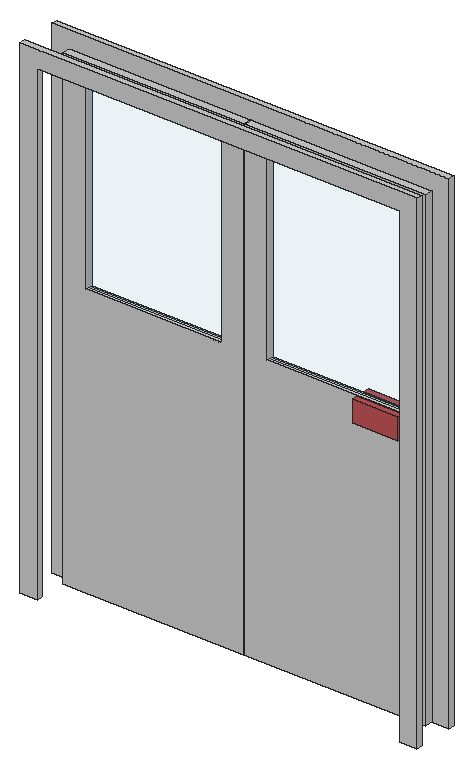
Revit family "Porta_Dupla_Visor", category Doors, host Wall, Revit 2025
Family settings
  Host = Wall
  OmniClass Number = 23.30.10.00
  OmniClass Title = Doors
  Always vertical = Yes
  Cut with Voids When Loaded = No
  Shared = No
  Room Calculation Point = Yes
Parameters (values of type "Porta_80-80_Visor")
  Width = 1600.00 mm
  Thickness = 35.00 mm
  Porta_Visor = CT_Vidros
  Material_Controle [instance] = CT_Controle_Acesso
  Function = Interior
  Door Material = CT_Portas
  Frame Material = CT_Aduelas
  Height = 2100.00 mm
  Trim Projection Ext = 25.00 mm
  Trim Projection Int = 25.00 mm
  Trim Width = 76.00 mm
  Wall Closure = By host
  Width_Large = 800.00 mm
  Width_Small = Width - Width_Large  # 800.00 mm
  Define Thermal Properties by = Schematic Type
  ComControledeAcesso [instance] = yes
  Analytic Construction = "<None>"
Reference planes
  plane 1: y = 0
  plane 2: z = 0
  plane 3 "Center": x = -698
  plane 4 "Left": x = -1498
  plane 5 "Right": x = 102
  plane 6 "Top": z = 2100
  plane 7: y = 58.7
Forms (mm)
  Extrusion 1, solid, material "CT_Aduelas" <- "Frame Material"
    sketch origin (-2286, 76.2, 0) x (-1, 0, 0) y (0, 0, 1)
      loop
        line (-2388, 2100) -> (-788, 2100) -> (-788, 0) -> (-712, 0) -> (-712, 2176) -> (-2464, 2176) -> (-2464, 0) -> (-2388, 0) -> (-2388, 2100)
    from 0 to 25
  Extrusion 2, solid, material "CT_Aduelas" <- "Frame Material"
    sketch origin (-2286, -76.2, 0) x (1, 0, 0) y (0, 0, 1)
      loop
        line (788, 0) -> (788, 2100) -> (2388, 2100) -> (2388, 0) -> (2464, 0) -> (2464, 2176) -> (712, 2176) -> (712, 0) -> (788, 0)
    from 0 to 25
  Extrusion 3, solid, material "CT_Portas" <- "Door Material"
    sketch origin (-698, 223.6, 2100) x (0, 0, -1) y (-1, 0, 0)
      loop
        line (2100, 0) -> (2100, 800) -> (0, 800) -> (0, 0) -> (2100, 0)
      loop
        line (100, 100) -> (900, 100) -> (900, 700) -> (100, 700) -> (100, 100)
    from -182.4 to -147.4
  Extrusion 4, solid, material "CT_Portas" <- "Door Material"
    sketch origin (-698, 46.2, 2100) x (0, 0, -1) y (-1, 0, 0)
      loop
        line (2100, 0) -> (0, 0) -> (0, -800) -> (2100, -800) -> (2100, 0)
      loop
        line (100, -100) -> (100, -700) -> (900, -700) -> (900, -100) -> (100, -100)
    from -5 to 30
  Extrusion 5, solid, material "CT_Controle_Acesso" <- "Material_Controle", visible <- "ComControledeAcesso"
    sketch origin (-1146.609, -181.517, 0) x (-1, 0, 0) y (0, -1, 0)
      loop
        line (-948.744, -282.717) -> (-948.744, -257.717) -> (-1148.609, -257.717) -> (-1148.609, -282.717) -> (-948.744, -282.717)
    from 1102.653 to 1200
  Extrusion 6, solid, material "CT_Vidros" <- "Porta_Visor"
    sketch origin (-769.356, 76.2, 9.417) x (1, 0, 0) y (0, 0, -1)
      loop
        line (-628.644, -1990.583) -> (-28.644, -1990.583) -> (-28.644, -1190.583) -> (-628.644, -1190.583) -> (-628.644, -1990.583)
    from -22.5 to -12.5
  Extrusion 7, solid, material "CT_Vidros" <- "Porta_Visor"
    sketch origin (-626.644, 76.2, 9.417) x (-1, 0, 0) y (0, 0, 1)
      loop
        line (-628.644, 1990.583) -> (-628.644, 1190.583) -> (-28.644, 1190.583) -> (-28.644, 1990.583) -> (-628.644, 1990.583)
    from -22.5 to -12.5
  Extrusion 8, solid, material "CT_Controle_Acesso" <- "Material_Controle", visible <- "ComControledeAcesso"
    sketch origin (0, 0, 0) x (1, 0, 0) y (0, 1, 0)
      loop
        line (-197.865, 41.2) -> (-197.865, 16.2) -> (2, 16.2) -> (2, 41.2) -> (-197.865, 41.2)
    from 1102.653 to 1200
Lines and regions (mm)
  Opening 1
    outline origin (-2286, -76.2, 0) x (1, 0, 0) y (0, 0, 1)
      loop
        line (788, 0) -> (2388, 0) -> (2388, 2100) -> (788, 2100) -> (788, 0)
  symbolic lines, style "Plan Swing"
    curve 1: arc (-698, 76.2, 0) -> (-932.315, 641.885, 0) -> (-1498, 876.2, 0) r 800
    curve 12: arc (-698, 76.2, 0) -> (-463.685, 641.885, 0) -> (102, 876.2, 0) r 800
  symbolic lines, style "DoorsPanelProjection"
    curve 2: line (-1498, 76.2, 0) -> (-1463, 76.2, 0)
    curve 3: line (-1498, 76.2, 0) -> (-1498, 875.328, 0)
    curve 4: line (-1498, 875.328, 0) -> (-1460.651, 875.328, 0)
    curve 5: line (-1463, 76.2, 0) -> (-1463, 875.434, 0)
    curve 8: line (102, 76.2, 0) -> (67, 76.2, 0)
    curve 9: line (102, 76.2, 0) -> (102, 876.2, 0)
    curve 10: line (102, 876.2, 0) -> (67, 876.2, 0)
    curve 11: line (67, 76.2, 0) -> (67, 876.2, 0)
  model lines, style "DoorsPanelProjection"
    curve 6: line (-698, 76.2, 2100) -> (-698, 76.2, 0)
    curve 7: line (-698, 41.2, 2100) -> (-698, 41.2, 0)
    curve 13: line (-698, 76.2, 2100) -> (-698, 76.2, 0)
    curve 14: line (-698, 41.2, 2100) -> (-698, 41.2, 0)
Text (mm)
  text "Exterior" at (-1852.85, 748.929, 0), in view "Floor Line"
  text "Interior" at (-1852.85, -701.767, 0), in view "Floor Line"
  text "Exterior" at (0, 1019.848, 3124.603), in view "Right"
  text "Interior" at (0, -1635.541, 3124.603), in view "Right"
  text "Interior" at (0, -762.224, 2974.944), in view "Left"
  text "Exterior" at (0, 1135.773, 2974.944), in view "Left"
Dimensions and locks
  "Trim Width": Extrusion 2 sketch curve to plane 4 "Left"
  "Trim Width": Extrusion 2 sketch curve to plane 5 "Right"
  "Trim Width": Extrusion 2 sketch curve to plane 6 "Top"
  "Trim Width": Extrusion 1 sketch curve to Extrusion 1 sketch curve  (x2)
  "Trim Width": Extrusion 1 sketch curve to plane 6 "Top"
  "Trim Projection Int": Extrusion 2 to host wall
  "Trim Projection Ext": Extrusion 1 to host wall
  plane 4 "Left" to plane 3 "Center" to plane 5 "Right" = 800.00 mm, 800.00 mm
  "Thickness": curve 5 to curve 3
  "Width_Large": plane 4 "Left" to plane 3 "Center"
  "Width_Small": plane 3 "Center" to plane 5 "Right"
  level to plane 2 = 0.00 mm
  "Thickness": curve 11 to plane 5 "Right"
  "Height": plane 6 "Top" to level
  level to plane 6 "Top" = 2100.00 mm  (x2)
  "Thickness": Extrusion 3 to Extrusion 3
  "Thickness": Extrusion 4 to Extrusion 4
  Extrusion 3 to Extrusion 3 = 35.00 mm
  equal spacing: Extrusion 3, plane 7, Extrusion 3
  equal spacing: Extrusion 6, plane 7, Extrusion 6
  locked: Extrusion 6 to Extrusion 6 at 10
  Extrusion 7 to Extrusion 7 = 10.00 mm
  equal spacing: Extrusion 7, plane 7, Extrusion 7
  locked: Extrusion 7 to Extrusion 7 at 10
  equal spacing: Extrusion 4, plane 7, Extrusion 4
  locked: Extrusion 5 to Extrusion 5 at 25
  locked: Extrusion 8 sketch curve to Extrusion 8 sketch curve at 25
  aligned and locked: plane 4 "Left" to Opening 1 sketch curve
  aligned and locked: plane 6 "Top" to Opening 1 sketch curve  (x2)
  aligned and locked: Opening 1 sketch curve to plane 5 "Right"
  aligned and locked: Opening 1 sketch curve to level
  aligned and locked: plane 6 "Top" to Extrusion 1 sketch curve  (x2)
  aligned and locked: plane 4 "Left" to Extrusion 1 sketch curve
  aligned and locked: Extrusion 1 sketch curve to plane 4 "Left"
  aligned and locked: level to Extrusion 1 sketch curve
  aligned and locked: plane 5 "Right" to Extrusion 1 sketch curve
  aligned and locked: Extrusion 1 to host wall
  aligned and locked: plane 4 "Left" to Extrusion 2 sketch curve
  aligned and locked: plane 6 "Top" to Extrusion 2 sketch curve  (x2)
  aligned and locked: plane 5 "Right" to Extrusion 2 sketch curve  (x2)
  aligned and locked: level to Extrusion 2 sketch curve
  aligned and locked: Extrusion 2 sketch curve to level
  aligned and locked: Extrusion 2 to host wall
  aligned and locked: plane 5 "Right" to host wall  (x2)
  aligned and locked: Extrusion 1 sketch curve to level
  aligned and locked: Extrusion 2 sketch curve to Extrusion 1
  aligned and locked: level to plane 2
  aligned and locked: Extrusion 4 to Extrusion 3
  aligned and locked: host wall to Extrusion 3
  aligned and locked: Extrusion 5 to host wall
  aligned and locked: Extrusion 5 to Extrusion 4
  aligned and locked: Extrusion 8 to Extrusion 4  (x2)
  aligned and locked: Extrusion 5 to Extrusion 8
  aligned and locked: Extrusion 8 to Extrusion 5
  aligned and locked: Extrusion 7 to Extrusion 4  (x4)
  aligned and locked: Extrusion 6 to Extrusion 3  (x4)
  aligned and locked: Extrusion 4 to Extrusion 8
  aligned and locked: Extrusion 4 to Extrusion 5
Automatic sketch dimensions
  curve 7 to plane 3 "Center" = 0.00 mm
  curve 7 to plane 6 "Top" = 0.00 mm
  curve 6 to plane 3 "Center" = 0.00 mm
  curve 6 to plane 6 "Top" = 0.00 mm
  curve 7 to level = 0.00 mm
  curve 6 to level = 0.00 mm
  curve 13 to plane 3 "Center" = 0.00 mm
  curve 13 to plane 6 "Top" = 0.00 mm
  curve 13 to level = 0.00 mm
  curve 14 to plane 3 "Center" = 0.00 mm
  curve 14 to plane 6 "Top" = 0.00 mm
  curve 14 to level = 0.00 mm
  Extrusion 4 sketch curve to plane 3 "Center" = 0.00 mm
  Extrusion 4 sketch curve to plane 6 "Top" = 0.00 mm
  Extrusion 4 sketch curve to level = 0.00 mm
  plane 5 "Right" to Extrusion 4 sketch curve = 0.00 mm
  plane 6 "Top" to Extrusion 4 sketch curve = 100.00 mm
  plane 3 "Center" to Extrusion 4 sketch curve = 100.00 mm
  level to Extrusion 4 sketch curve = 1200.00 mm
  Extrusion 4 sketch curve to Extrusion 4 sketch curve = 600.00 mm
  Extrusion 5 sketch curve to host wall = 0.00 mm
  host wall to Extrusion 5 sketch curve = 25.00 mm
  plane 5 "Right" to Extrusion 5 sketch curve = 100.00 mm
  Extrusion 5 sketch curve to Extrusion 5 sketch curve = 199.865 mm
  Extrusion 6 sketch curve to plane 3 "Center" = 700.00 mm
  Extrusion 6 sketch curve to plane 3 "Center" = 100.00 mm
  plane 6 "Top" to Extrusion 6 sketch curve = 100.00 mm
  level to Extrusion 6 sketch curve = 1200.00 mm
  plane 3 "Center" to Extrusion 7 sketch curve = 700.00 mm
  plane 3 "Center" to Extrusion 7 sketch curve = 100.00 mm
  level to Extrusion 7 sketch curve = 1200.00 mm
  plane 6 "Top" to Extrusion 7 sketch curve = 100.00 mm
  Extrusion 8 sketch curve to host wall = 16.20 mm
  plane 5 "Right" to Extrusion 8 sketch curve = 299.865 mm
  plane 5 "Right" to Extrusion 8 sketch curve = 100.00 mm
  Extrusion 3 sketch curve to plane 3 "Center" = 0.00 mm
  Extrusion 3 sketch curve to plane 6 "Top" = 0.00 mm
  Extrusion 3 sketch curve to level = 0.00 mm
  plane 4 "Left" to Extrusion 3 sketch curve = 0.00 mm
  plane 6 "Top" to Extrusion 3 sketch curve = 100.00 mm
  Extrusion 3 sketch curve to plane 3 "Center" = 100.00 mm
  level to Extrusion 3 sketch curve = 1200.00 mm
  Extrusion 3 sketch curve to Extrusion 3 sketch curve = 600.00 mm
  curve 4 to plane 4 "Left" = 0.00 mm
  curve 1 to plane 4 "Left" = 0.00 mm
  curve 1 to host wall = 0.00 mm
  curve 1 to plane 3 "Center" = 0.00 mm
  curve 12 to plane 3 "Center" = 0.00 mm
  curve 9 to plane 5 "Right" = 0.00 mm
  curve 2 to host wall = 0.00 mm
  curve 11 to host wall = 0.00 mm
  curve 3 to curve 1 = 0.872 mm
